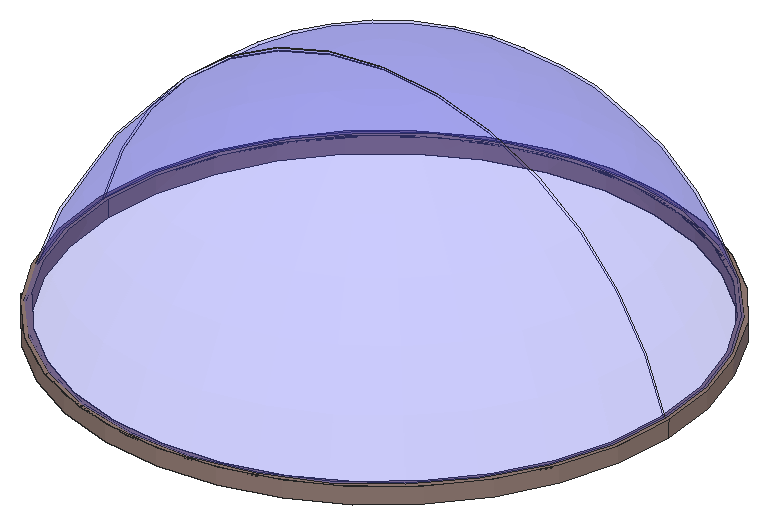
Revit family "M_Claraboia-redonda", category Janelas, Revit 2019
Family settings
  Hospedeiro = Telhado
  Número OmniClass = 23.30.30.14.11
  Título OmniClass = Domed Unit Skylights
  Sempre na vertical = Não
  Corte com vazios quando carregada = Não
  Compartilhado = Não
  Ponto de cálculo do ambiente = Não
Parameters (values of type "Diâmetro de 900 mm")
  Visual Light Transmittance = 0.9
  Resistência térmica (R) = 0.174331 (m²·K)/W
  Solar Heat Gain Coefficient = 0.86
  Espessura do telhado [instance] = 150 mm
  Raio = 900 mm
  Raio externo = Raio / sin(Ângulo)  # 931.749 mm
  Comprimento 5 = 9.525 mm + Comprimento 1  # 909.525 mm
  Comprimento 4 = Raio externo * sin(Ângulo) - sqrt((Raio interior ^ 2) + (Raio externo * sin(Ângulo)) ^ 2 - (Raio externo ^ 2))  # 6.576 mm
  Comprimento 3 = Raio externo * cos(Ângulo)  # 241.154 mm
  Comprimento 2 = Comprimento 1 - Comprimento 4 - 9.525 mm  # 883.899 mm
  Comprimento 1 = Raio  # 900 mm
  Raio interior = Raio externo - 6.35 mm  # 925.399 mm
  Coeficiente de transferência de calor (U) = 5.73618 W/(m²·K)
  Material do painel de vidro = Vidro
  Material da moldura = Metal - Bronze, Escovado leve
  Classificação de incêndio = "0.5h"
  Código de montagem = "B2020100"
  Ângulo = 75.00°
  Construção analítica = "Janelas de vidraça única – residencial"
Types (5, lengths in mm): name | Espessura do telhado | Raio | Raio externo | Comprimento 5 | Comprimento 4 | Comprimento 3 | Comprimento 2 | Comprimento 1 | Raio interior
  (no name) | 150 | 900 | 931.749 | 909.525 | 6.576 | 241.154 | 883.899 | 900 | 925.399
  600 mm Diâmetro | 152.4 | 600 | 621.166 | 609.525 | 6.576 | 160.77 | 583.899 | 600 | 614.816
  Diâmetro de 900 mm | 150 | 900 | 931.749 | 909.525 | 6.576 | 241.154 | 883.899 | 900 | 925.399
  Diâmetro de 1200 mm | 152.4 | 1200 | 1242.331 | 1209.525 | 6.575 | 321.539 | 1183.9 | 1200 | 1235.981
  Diâmetro de 1500 mm | 152.4 | 1500 | 1552.914 | 1509.525 | 6.575 | 401.924 | 1483.9 | 1500 | 1546.564
Reference planes
  plane 1 "Centro (Frente/Trás)": y = 0
  plane 2 "Telhado": z = 3657.6
  plane 3 "Centro (Esquerda/Direita)": x = 0
  plane 4: x = -893.424
  plane 5: x = 893.424
  plane 6: x = -900
  plane 7: x = 900
  plane 8: z = 3807.6
  plane 9 "Centro do arco": z = 3617.246
  plane 10: z = 3858.4
Forms (mm)
  Extrusion 1, void
    sketch origin (0, 0, 3657.6) x (1, 0, 0) y (0, 1, 0)
      loop
        circle (0, 0) r 900
    from 0 to 150
  Revolve 2, solid
    sketch origin (0, 0, 0) x (1, 0, 0) y (0, 0, 1)
      loop
        arc (-893.424, 3858.4) -> (-562.472, 4351.489) -> (0, 4541.989) r 925.63
        line (0, 4541.989) -> (0, 4548.994)
        arc (0, 4548.994) -> (-567.213, 4356.452) -> (-900, 3858.4) r 931.749
        line (-900, 3858.4) -> (-893.424, 3858.4)
      axis (0, 4548.994) -> (0, 3858.4)
    angle from 0 to 360
  Extrusion 3, solid, material "Metal - Bronze, Escovado leve" <- "Material da moldura"
    sketch origin (0, 0, 3657.6) x (1, 0, 0) y (0, 1, 0)
      loop
        circle (0, 0) r 909.525
      loop
        circle (0, 0) r 883.899
    from 150 to 200.8
Dimensions and locks
  equal spacing: host sketch curve, plane 3 "Centro (Esquerda/Direita)", host sketch curve
  equal spacing: host sketch curve, plane 1 "Centro (Frente/Trás)", host sketch curve
  "Comprimento 1": plane 6 to plane 3 "Centro (Esquerda/Direita)"
  "Comprimento 4": plane 6 to plane 4
  "Comprimento 1": plane 3 "Centro (Esquerda/Direita)" to plane 7
  "Comprimento 4": plane 5 to plane 7
  "Espessura do telhado": plane 8 to plane 2 "Telhado"
  locked: plane 10 to plane 8 at 50.8
  "Comprimento 3": plane 10 to plane 9 "Centro do arco"
  "Comprimento 1": radius of Extrusion 1 sketch curve
  "Comprimento 5": radius of Extrusion 3 sketch curve
  "Comprimento 2": radius of Extrusion 3 sketch curve
  aligned and locked: plane 2 "Telhado" to level
  aligned and locked: plane 1 "Centro (Frente/Trás)" to Extrusion 1 sketch curve
  aligned and locked: plane 3 "Centro (Esquerda/Direita)" to Extrusion 1 sketch curve
  aligned and locked: host roof to Extrusion 1
  aligned and locked: Extrusion 1 to plane 2 "Telhado"
  aligned and locked: plane 8 to host roof
  aligned and locked: plane 10 to Revolve 2 sketch curve
  aligned and locked: plane 4 to Revolve 2 sketch curve
  aligned and locked: plane 3 "Centro (Esquerda/Direita)" to Revolve 2 sketch curve  (x3)
  aligned and locked: Revolve 2 sketch curve to plane 3 "Centro (Esquerda/Direita)"  (x2)
  aligned and locked: plane 10 to Extrusion 3
  aligned and locked: Extrusion 3 to plane 8
  aligned and locked: plane 9 "Centro do arco" to Revolve 2 sketch curve
  aligned and locked: Revolve 2 sketch curve to plane 10
Automatic sketch dimensions
  Revolve 2 sketch curve to plane 6 = 0 mm
  Revolve 2 sketch curve to Revolve 2 sketch curve = 0.887 mm
  Revolve 2 sketch curve to plane 2 "Telhado" = 795.373 mm
  Revolve 2 sketch curve to Revolve 2 sketch curve = 146.786 mm
  Extrusion 3 sketch curve to Extrusion 3 sketch curve = 0 mm  (x2)
  plane 1 "Centro (Frente/Trás)" to Extrusion 3 sketch curve = 0 mm
  Extrusion 3 sketch curve to plane 3 "Centro (Esquerda/Direita)" = 0 mm
